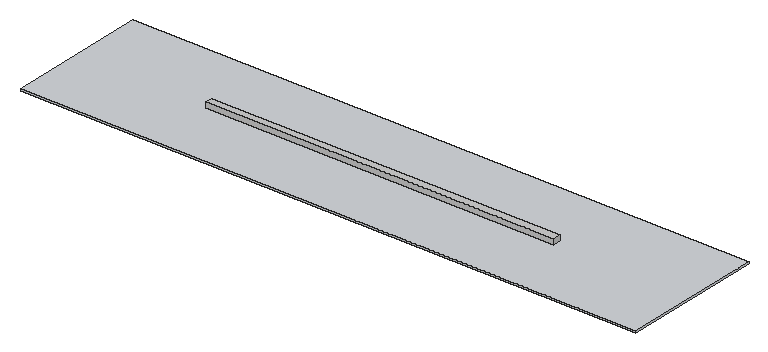
Revit family
Parameters (values of type "8 ft Surface Mount")
  URL = "www.lightingservicesinc.com/product.asp?productID=140"
  Model Date = "26 March 2010"
  Model = "31X20"
  Mfr. Catalog # = ""
  Manufacturer = "Lighting Services Inc."
  Length = 7' - 6 13/16"
  LSI Surface Track Finish [instance] = LSI Surface Track Finish
  Keynote = "26 55 59"
  Description = "120/250V 1 Ckt Surface Mount Track"
  Default Elevation = 4' - 0"
  Assembly Code = "D5020200"
Types (4): name | Model | Length | Description
  (no name) | "31X20" | 7' - 6 13/16" | "120/250V 1 Ckt Surface Mount Track"
  4 ft Surface Mount | "31X10" | 3' - 6 13/16" | "120/250V 1Ckt Surface Mount Track"
  8 ft Surface Mount | "31X20" | 7' - 6 13/16" | "120/250V 1 Ckt Surface Mount Track"
  12 ft Surface Mount | "31X30" | 11' - 6 13/16" | "120/250V 1 Ckt Surface Mount Track"
Reference planes (in)
  plane 1 "Center (Front/Back)": y = 0
  plane 2: z = -0.0625
  plane 3 "Center (Left/Right)": x = 0
  plane 4 "Left": x = -45.40625
  plane 5 "Right": x = 45.40625
  plane 6: y = 0.90625
  plane 7: y = -0.90625
  plane 8 "Bottom of Track": z = 1.4375
  plane 9 "Top of Track": z = 0
Forms (in)
  Extrusion 1, solid
    sketch origin (0, 0, -0.0625) x (1, 0, 0) y (0, 1, 0)
      loop
        line (-80, 18.39135) -> (-80, -18.22965) -> (80.64142, -18.22965) -> (80.64142, 18.39135) -> (-80, 18.39135)
    from 0 to -0.5
  Extrusion 2, solid, material "LSI Suspended Track Finish"
    sketch origin (0, 0, 0) x (0, 1, 0) y (0, 0, 1)
      loop
        line (-0.90625, 1.4375) -> (-0.90625, 0) -> (0.90625, 0) -> (0.90625, 1.4375) -> (-0.90625, 1.4375)
    from -45.40625 to 45.40625
Dimensions and locks (in)
  "Length": plane 4 "Left" to plane 5 "Right"
  equal spacing: plane 4 "Left", plane 3 "Center (Left/Right)", plane 5 "Right"
  locked: plane 6 to plane 7 at 1.8125
  equal spacing: plane 6, plane 1 "Center (Front/Back)", plane 7
  locked: plane 8 "Bottom of Track" to plane 9 "Top of Track" at 1.4375
  aligned and locked: Extrusion 1 to plane 2
  aligned and locked: Extrusion 1 to level
  aligned and locked: plane 3 "Center (Left/Right)" to nested 1
  aligned and locked: plane 1 "Center (Front/Back)" to nested 1
  aligned and locked: Extrusion 2 to plane 4 "Left"
  aligned and locked: plane 5 "Right" to Extrusion 2
Automatic sketch dimensions
  Extrusion 1 sketch curve to Extrusion 1 sketch curve = 13' - 4.64142"
  Extrusion 1 sketch curve to Extrusion 1 sketch curve = 3' - 0.62101"
  Extrusion 2 sketch curve to plane 7 = 0' - 0"
  Extrusion 2 sketch curve to plane 6 = 0' - 0"
  Extrusion 2 sketch curve to plane 9 "Top of Track" = 0' - 0"
  Extrusion 2 sketch curve to plane 8 "Bottom of Track" = 0' - 0"
Nested families (in)
  nested 1: "LSI Track Plan View Symbol" at (63.06131, -9.84847, -0.0625), type "Track"
Connectors (in)
  electrical at (0, -0.90625, 0.71875)
    settings: on Extrusion 2, index 1
Definition of nested family "LSI Track Plan View Symbol"
  Parameters (values of type "8'")
    Width = 0' - 1 13/16"
    Length = 7' - 6 13/16"
    Assembly Code = ""
  Types (3): name | Length
    4' | 3' - 6 13/16"
    8' | 7' - 6 13/16"
    12' | 11' - 6 13/16"
  Reference planes (in)
    plane 1 "Center (Front/Back)": y = 9.84847
    plane 2: z = 0
    plane 3 "Center (Left/Right)": x = -63.06131
    plane 4: x = -108.46756
    plane 5: x = -17.65506
    plane 6: y = 10.75472
    plane 7: y = 8.94222
  Lines and regions (in)
    detail lines, in view "Ref. Level"
      curve 1: line (-108.46756, 10.75472, 0) -> (-17.65506, 10.75472, 0)
      curve 2: line (-108.46756, 8.94222, 0) -> (-108.46756, 10.75472, 0)
      curve 3: line (-17.65506, 8.94222, 0) -> (-108.46756, 8.94222, 0)
      curve 4: line (-17.65506, 10.75472, 0) -> (-17.65506, 8.94222, 0)
  Dimensions and locks (in)
    "Length": plane 4 to plane 5
    equal spacing: plane 4, plane 3 "Center (Left/Right)", plane 5
    "Width": plane 6 to plane 7
    equal spacing: plane 6, plane 1 "Center (Front/Back)", plane 7
    aligned and locked: plane 4 to curve 1
    aligned and locked: curve 1 to plane 6
    aligned and locked: plane 7 to curve 4
    aligned and locked: curve 4 to plane 5
